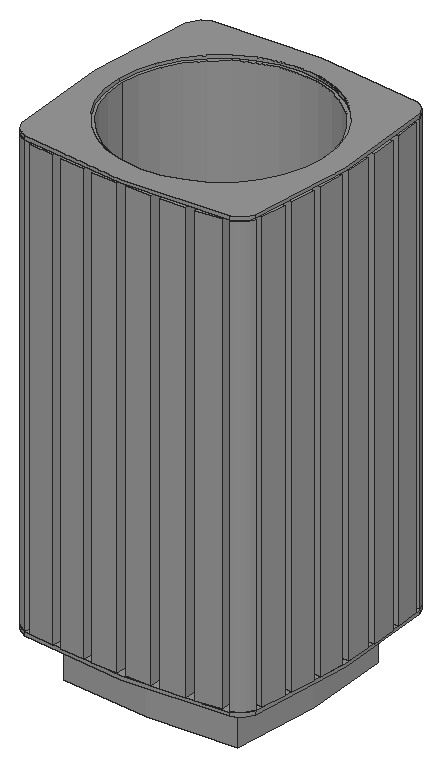
Revit family "55668 Урна «Стеллар Вуд» квадратная Хоббика", category Антураж, Revit 2018
Family settings
  На основе рабочей плоскости = Нет
  Всегда вертикально = Да
  При загрузке вырезать с полостями = Нет
  Источник визуального образа = Геометрия семейства
  Общий = Нет
  Точка расчета площади = Нет
Parameters (values of type "Урна «Стеллар Вуд» квадратная")
  Ширина = 395 mm  # constant formula
  Цвет урны = Сталь
  Цвет отделки = Дерево
  Описание = "Урна «Стеллар Вуд» квадратная"  # constant formula
  Материал изделия = "Сталь, дерево"  # constant formula
  Изображение типоразмера = Урна «Стеллар Вуд» квадратная Арт 55668.jpg
  Изготовитель = "ООО «Хоббика»"  # constant formula
  Длина = 395 mm  # constant formula
  Группа модели = "Уличные урны"  # constant formula
  Высота = 785 mm  # constant formula
  Артикул товара = "Арт. 55668"  # constant formula
  URL = "https://hobbyka.ru/product/urna_stellar_kvadratnaya"
Reference planes
  plane 1 "По центру (Вперед/Назад)": y = 0
  plane 2: z = 0
  plane 3 "По центру (Влево/Вправо)": x = 0
  plane 4: x = 395
  plane 5: y = 395
  plane 6: z = 785
Forms (mm)
  Extrusion 1, solid, material "Сталь" <- "Цвет урны"
    sketch origin (0, 0, 0) x (1, 0, 0) y (0, 1, 0)
      loop
        arc (35, 383.124) -> (20.967, 374.033) -> (11.876, 360) r 40
        arc (11.876, 360) -> (0, 197.5) -> (11.876, 35) r 1117.708
        arc (11.876, 35) -> (20.967, 20.967) -> (35, 11.876) r 40
        arc (35, 11.876) -> (197.5, 0) -> (360, 11.876) r 1117.708
        arc (360, 11.876) -> (374.033, 20.967) -> (383.124, 35) r 40
        arc (383.124, 35) -> (395, 197.5) -> (383.124, 360) r 1117.708
        arc (383.124, 360) -> (374.033, 374.033) -> (360, 383.124) r 40
        arc (360, 383.124) -> (197.5, 395) -> (35, 383.124) r 1117.708
      loop
        circle (197.5, 197.5) r 162.156
    from 780 to 785
  Extrusion 2, solid, material "Сталь" <- "Цвет урны"
    sketch origin (0, 0, 0) x (1, 0, 0) y (0, 1, 0)
      loop
        arc (35, 383.124) -> (20.967, 374.033) -> (11.876, 360) r 40
        arc (11.876, 360) -> (0, 197.5) -> (11.876, 35) r 1117.708
        arc (11.876, 35) -> (20.967, 20.967) -> (35, 11.876) r 40
        arc (35, 11.876) -> (197.5, 0) -> (360, 11.876) r 1117.708
        arc (360, 11.876) -> (374.033, 20.967) -> (383.124, 35) r 40
        arc (383.124, 35) -> (395, 197.5) -> (383.124, 360) r 1117.708
        arc (383.124, 360) -> (374.033, 374.033) -> (360, 383.124) r 40
        arc (360, 383.124) -> (197.5, 395) -> (35, 383.124) r 1117.708
    from 75 to 80
  Extrusion 3, solid, material "Сталь" <- "Цвет урны"
    sketch origin (0, 0, 0) x (1, 0, 0) y (0, 1, 0)
      loop
        arc (335.981, 59.019) -> (345, 197.5) -> (335.981, 335.981) r 1067.708
        arc (335.981, 335.981) -> (197.5, 345) -> (59.019, 335.981) r 1067.708
        arc (59.019, 335.981) -> (50, 197.5) -> (59.019, 59.019) r 1067.708
        arc (59.019, 59.019) -> (197.5, 50) -> (335.981, 59.019) r 1067.708
    from 0 to 75
  Extrusion 4, solid, material "Сталь" <- "Цвет урны"
    sketch origin (0, 0, 0) x (1, 0, 0) y (0, 1, 0)
      loop
        arc (349.305, 349.305) -> (197.5, 360) -> (45.695, 349.305) r 1082.708
        arc (45.695, 349.305) -> (35, 197.5) -> (45.695, 45.695) r 1082.708
        arc (45.695, 45.695) -> (197.5, 35) -> (349.305, 45.695) r 1082.708
        arc (349.305, 45.695) -> (360, 197.5) -> (349.305, 349.305) r 1082.708
    from 80 to 780
  Extrusion 5, void
    sketch origin (0, 0, 0) x (1, 0, 0) y (0, 1, 0)
      loop
        circle (197.5, 197.5) r 157.156
    from 86.582 to 785
  Extrusion 6, solid, material "Дерево" <- "Цвет отделки"
    sketch origin (0, 0, 0) x (1, 0, 0) y (0, 1, 0)
      loop
        arc (35, 383.124) -> (20.967, 374.033) -> (11.876, 360) r 40
        line (11.876, 360) -> (40.927, 351.291)
        arc (40.927, 351.291) -> (42.18, 352.82) -> (43.709, 354.073) r 10
        line (43.709, 354.073) -> (35, 383.124)
      loop
        arc (11.876, 35) -> (20.967, 20.967) -> (35, 11.876) r 40
        line (35, 11.876) -> (43.709, 40.927)
        arc (43.709, 40.927) -> (42.18, 42.18) -> (40.927, 43.709) r 10
        line (40.927, 43.709) -> (11.876, 35)
      loop
        arc (360, 11.876) -> (374.033, 20.967) -> (383.124, 35) r 40
        line (383.124, 35) -> (354.073, 43.709)
        arc (354.073, 43.709) -> (352.82, 42.18) -> (351.291, 40.927) r 10
        line (351.291, 40.927) -> (360, 11.876)
      loop
        arc (383.124, 360) -> (374.033, 374.033) -> (360, 383.124) r 40
        line (360, 383.124) -> (351.291, 354.073)
        arc (351.291, 354.073) -> (352.82, 352.82) -> (354.073, 351.291) r 10
        line (354.073, 351.291) -> (383.124, 360)
    from 82 to 778
  Extrusion 7, solid, material "Дерево" <- "Цвет отделки"
    sketch origin (0, 0, 0) x (1, 0, 0) y (0, 1, 0)
      loop
        arc (84.615, 389.285) -> (64.736, 387.087) -> (44.9, 384.534) r 1117.708
        line (44.9, 384.534) -> (48.996, 354.815)
        arc (48.996, 354.815) -> (68.3, 357.299) -> (87.645, 359.438) r 1087.708
        line (87.645, 359.438) -> (84.615, 389.285)
    from 82 to 778
  Extrusion 8, solid, material "Дерево" <- "Цвет отделки"
    sketch origin (176.047, 26.193, 0) x (0.971782, -0.235882, 0) y (0.235882, 0.971782, 0)
      loop
        arc (84.615, 389.285) -> (64.736, 387.087) -> (44.9, 384.534) r 1117.708
        line (44.9, 384.534) -> (48.996, 354.815)
        arc (48.996, 354.815) -> (68.3, 357.299) -> (87.645, 359.438) r 1087.708
        line (87.645, 359.438) -> (84.615, 389.285)
    from 82 to 778
  Extrusion 9, solid, material "Дерево" <- "Цвет отделки"
    sketch origin (34.63, 8.583, 0) x (0.998866, -0.047607, 0) y (0.047607, 0.998866, 0)
      loop
        arc (84.615, 389.285) -> (64.736, 387.087) -> (44.9, 384.534) r 1117.708
        line (44.9, 384.534) -> (48.996, 354.815)
        arc (48.996, 354.815) -> (68.3, 357.299) -> (87.645, 359.438) r 1087.708
        line (87.645, 359.438) -> (84.615, 389.285)
    from 82 to 778
  Extrusion 10, solid, material "Дерево" <- "Цвет отделки"
    sketch origin (69.63, 15.508, 0) x (0.995467, -0.095107, 0) y (0.095107, 0.995467, 0)
      loop
        arc (84.615, 389.285) -> (64.736, 387.087) -> (44.9, 384.534) r 1117.708
        line (44.9, 384.534) -> (48.996, 354.815)
        arc (48.996, 354.815) -> (68.3, 357.299) -> (87.645, 359.438) r 1087.708
        line (87.645, 359.438) -> (84.615, 389.285)
    from 82 to 778
  Extrusion 11, solid, material "Дерево" <- "Цвет отделки"
    sketch origin (104.919, 20.758, 0) x (0.989811, -0.14239, 0) y (0.14239, 0.989811, 0)
      loop
        arc (84.615, 389.285) -> (64.736, 387.087) -> (44.9, 384.534) r 1117.708
        line (44.9, 384.534) -> (48.996, 354.815)
        arc (48.996, 354.815) -> (68.3, 357.299) -> (87.645, 359.438) r 1087.708
        line (87.645, 359.438) -> (84.615, 389.285)
    from 82 to 778
  Extrusion 12, solid, material "Дерево" <- "Цвет отделки"
    sketch origin (140.418, 24.323, 0) x (0.981909, -0.189351, 0) y (0.189351, 0.981909, 0)
      loop
        arc (84.615, 389.285) -> (64.736, 387.087) -> (44.9, 384.534) r 1117.708
        line (44.9, 384.534) -> (48.996, 354.815)
        arc (48.996, 354.815) -> (68.3, 357.299) -> (87.645, 359.438) r 1087.708
        line (87.645, 359.438) -> (84.615, 389.285)
    from 82 to 778
  Extrusion 13, solid, material "Дерево" <- "Цвет отделки"
    sketch origin (0, 395, 0) x (0, -1, 0) y (1, 0, 0)
      loop
        arc (84.615, 389.285) -> (64.736, 387.087) -> (44.9, 384.534) r 1117.708
        line (44.9, 384.534) -> (48.996, 354.815)
        arc (48.996, 354.815) -> (68.3, 357.299) -> (87.645, 359.438) r 1087.708
        line (87.645, 359.438) -> (84.615, 389.285)
    from 82 to 778
  Extrusion 14, solid, material "Дерево" <- "Цвет отделки"
    sketch origin (26.193, 218.953, 0) x (-0.235882, -0.971782, 0) y (0.971782, -0.235882, 0)
      loop
        arc (84.615, 389.285) -> (64.736, 387.087) -> (44.9, 384.534) r 1117.708
        line (44.9, 384.534) -> (48.996, 354.815)
        arc (48.996, 354.815) -> (68.3, 357.299) -> (87.645, 359.438) r 1087.708
        line (87.645, 359.438) -> (84.615, 389.285)
    from 82 to 778
  Extrusion 15, solid, material "Дерево" <- "Цвет отделки"
    sketch origin (8.583, 360.37, 0) x (-0.047607, -0.998866, 0) y (0.998866, -0.047607, 0)
      loop
        arc (84.615, 389.285) -> (64.736, 387.087) -> (44.9, 384.534) r 1117.708
        line (44.9, 384.534) -> (48.996, 354.815)
        arc (48.996, 354.815) -> (68.3, 357.299) -> (87.645, 359.438) r 1087.708
        line (87.645, 359.438) -> (84.615, 389.285)
    from 82 to 778
  Extrusion 16, solid, material "Дерево" <- "Цвет отделки"
    sketch origin (15.508, 325.37, 0) x (-0.095107, -0.995467, 0) y (0.995467, -0.095107, 0)
      loop
        arc (84.615, 389.285) -> (64.736, 387.087) -> (44.9, 384.534) r 1117.708
        line (44.9, 384.534) -> (48.996, 354.815)
        arc (48.996, 354.815) -> (68.3, 357.299) -> (87.645, 359.438) r 1087.708
        line (87.645, 359.438) -> (84.615, 389.285)
    from 82 to 778
  Extrusion 17, solid, material "Дерево" <- "Цвет отделки"
    sketch origin (20.758, 290.081, 0) x (-0.14239, -0.989811, 0) y (0.989811, -0.14239, 0)
      loop
        arc (84.615, 389.285) -> (64.736, 387.087) -> (44.9, 384.534) r 1117.708
        line (44.9, 384.534) -> (48.996, 354.815)
        arc (48.996, 354.815) -> (68.3, 357.299) -> (87.645, 359.438) r 1087.708
        line (87.645, 359.438) -> (84.615, 389.285)
    from 82 to 778
  Extrusion 18, solid, material "Дерево" <- "Цвет отделки"
    sketch origin (24.323, 254.582, 0) x (-0.189351, -0.981909, 0) y (0.981909, -0.189351, 0)
      loop
        arc (84.615, 389.285) -> (64.736, 387.087) -> (44.9, 384.534) r 1117.708
        line (44.9, 384.534) -> (48.996, 354.815)
        arc (48.996, 354.815) -> (68.3, 357.299) -> (87.645, 359.438) r 1087.708
        line (87.645, 359.438) -> (84.615, 389.285)
    from 82 to 778
  Extrusion 19, solid, material "Дерево" <- "Цвет отделки"
    sketch origin (395, 395, 0) x (-1, 0, 0) y (0, -1, 0)
      loop
        arc (84.615, 389.285) -> (64.736, 387.087) -> (44.9, 384.534) r 1117.708
        line (44.9, 384.534) -> (48.996, 354.815)
        arc (48.996, 354.815) -> (68.3, 357.299) -> (87.645, 359.438) r 1087.708
        line (87.645, 359.438) -> (84.615, 389.285)
    from 82 to 778
  Extrusion 20, solid, material "Дерево" <- "Цвет отделки"
    sketch origin (218.953, 368.807, 0) x (-0.971782, 0.235882, 0) y (-0.235882, -0.971782, 0)
      loop
        arc (84.615, 389.285) -> (64.736, 387.087) -> (44.9, 384.534) r 1117.708
        line (44.9, 384.534) -> (48.996, 354.815)
        arc (48.996, 354.815) -> (68.3, 357.299) -> (87.645, 359.438) r 1087.708
        line (87.645, 359.438) -> (84.615, 389.285)
    from 82 to 778
  Extrusion 21, solid, material "Дерево" <- "Цвет отделки"
    sketch origin (360.37, 386.417, 0) x (-0.998866, 0.047607, 0) y (-0.047607, -0.998866, 0)
      loop
        arc (84.615, 389.285) -> (64.736, 387.087) -> (44.9, 384.534) r 1117.708
        line (44.9, 384.534) -> (48.996, 354.815)
        arc (48.996, 354.815) -> (68.3, 357.299) -> (87.645, 359.438) r 1087.708
        line (87.645, 359.438) -> (84.615, 389.285)
    from 82 to 778
  Extrusion 22, solid, material "Дерево" <- "Цвет отделки"
    sketch origin (325.37, 379.492, 0) x (-0.995467, 0.095107, 0) y (-0.095107, -0.995467, 0)
      loop
        arc (84.615, 389.285) -> (64.736, 387.087) -> (44.9, 384.534) r 1117.708
        line (44.9, 384.534) -> (48.996, 354.815)
        arc (48.996, 354.815) -> (68.3, 357.299) -> (87.645, 359.438) r 1087.708
        line (87.645, 359.438) -> (84.615, 389.285)
    from 82 to 778
  Extrusion 23, solid, material "Дерево" <- "Цвет отделки"
    sketch origin (290.081, 374.242, 0) x (-0.989811, 0.14239, 0) y (-0.14239, -0.989811, 0)
      loop
        arc (84.615, 389.285) -> (64.736, 387.087) -> (44.9, 384.534) r 1117.708
        line (44.9, 384.534) -> (48.996, 354.815)
        arc (48.996, 354.815) -> (68.3, 357.299) -> (87.645, 359.438) r 1087.708
        line (87.645, 359.438) -> (84.615, 389.285)
    from 82 to 778
  Extrusion 24, solid, material "Дерево" <- "Цвет отделки"
    sketch origin (254.582, 370.677, 0) x (-0.981909, 0.189351, 0) y (-0.189351, -0.981909, 0)
      loop
        arc (84.615, 389.285) -> (64.736, 387.087) -> (44.9, 384.534) r 1117.708
        line (44.9, 384.534) -> (48.996, 354.815)
        arc (48.996, 354.815) -> (68.3, 357.299) -> (87.645, 359.438) r 1087.708
        line (87.645, 359.438) -> (84.615, 389.285)
    from 82 to 778
  Extrusion 25, solid, material "Дерево" <- "Цвет отделки"
    sketch origin (395, 0, 0) x (0, 1, 0) y (-1, 0, 0)
      loop
        arc (84.615, 389.285) -> (64.736, 387.087) -> (44.9, 384.534) r 1117.708
        line (44.9, 384.534) -> (48.996, 354.815)
        arc (48.996, 354.815) -> (68.3, 357.299) -> (87.645, 359.438) r 1087.708
        line (87.645, 359.438) -> (84.615, 389.285)
    from 82 to 778
  Extrusion 26, solid, material "Дерево" <- "Цвет отделки"
    sketch origin (368.807, 176.047, 0) x (0.235882, 0.971782, 0) y (-0.971782, 0.235882, 0)
      loop
        arc (84.615, 389.285) -> (64.736, 387.087) -> (44.9, 384.534) r 1117.708
        line (44.9, 384.534) -> (48.996, 354.815)
        arc (48.996, 354.815) -> (68.3, 357.299) -> (87.645, 359.438) r 1087.708
        line (87.645, 359.438) -> (84.615, 389.285)
    from 82 to 778
  Extrusion 27, solid, material "Дерево" <- "Цвет отделки"
    sketch origin (386.417, 34.63, 0) x (0.047607, 0.998866, 0) y (-0.998866, 0.047607, 0)
      loop
        arc (84.615, 389.285) -> (64.736, 387.087) -> (44.9, 384.534) r 1117.708
        line (44.9, 384.534) -> (48.996, 354.815)
        arc (48.996, 354.815) -> (68.3, 357.299) -> (87.645, 359.438) r 1087.708
        line (87.645, 359.438) -> (84.615, 389.285)
    from 82 to 778
  Extrusion 28, solid, material "Дерево" <- "Цвет отделки"
    sketch origin (379.492, 69.63, 0) x (0.095107, 0.995467, 0) y (-0.995467, 0.095107, 0)
      loop
        arc (84.615, 389.285) -> (64.736, 387.087) -> (44.9, 384.534) r 1117.708
        line (44.9, 384.534) -> (48.996, 354.815)
        arc (48.996, 354.815) -> (68.3, 357.299) -> (87.645, 359.438) r 1087.708
        line (87.645, 359.438) -> (84.615, 389.285)
    from 82 to 778
  Extrusion 29, solid, material "Дерево" <- "Цвет отделки"
    sketch origin (374.242, 104.919, 0) x (0.14239, 0.989811, 0) y (-0.989811, 0.14239, 0)
      loop
        arc (84.615, 389.285) -> (64.736, 387.087) -> (44.9, 384.534) r 1117.708
        line (44.9, 384.534) -> (48.996, 354.815)
        arc (48.996, 354.815) -> (68.3, 357.299) -> (87.645, 359.438) r 1087.708
        line (87.645, 359.438) -> (84.615, 389.285)
    from 82 to 778
  Extrusion 30, solid, material "Дерево" <- "Цвет отделки"
    sketch origin (370.677, 140.418, 0) x (0.189351, 0.981909, 0) y (-0.981909, 0.189351, 0)
      loop
        arc (84.615, 389.285) -> (64.736, 387.087) -> (44.9, 384.534) r 1117.708
        line (44.9, 384.534) -> (48.996, 354.815)
        arc (48.996, 354.815) -> (68.3, 357.299) -> (87.645, 359.438) r 1087.708
        line (87.645, 359.438) -> (84.615, 389.285)
    from 82 to 778
Cuts and joins
  Extrusion 5 cuts Extrusion 2
  Extrusion 5 cuts Extrusion 3
  Extrusion 5 cuts Extrusion 4
Lines and regions (mm)
  symbolic lines
    curve 1: line (350.1, 384.534, 0) -> (346.004, 354.815, 0)
Dimensions and locks
  "Длина": plane 4 to plane 3 "По центру (Влево/Вправо)"
  "Ширина": plane 5 to plane 1 "По центру (Вперед/Назад)"
  "Высота": plane 6 to plane 2
  aligned and locked: level to plane 2
Automatic sketch dimensions
  Extrusion 1 sketch curve to plane 1 "По центру (Вперед/Назад)" = 197.5 mm  (x3)
  Extrusion 1 sketch curve to plane 3 "По центру (Влево/Вправо)" = 722.708 mm
  plane 3 "По центру (Влево/Вправо)" to Extrusion 1 sketch curve = 49.251 mm  (x2)
  plane 3 "По центру (Влево/Вправо)" to Extrusion 1 sketch curve = 197.5 mm  (x3)
  Extrusion 1 sketch curve to plane 4 = 49.251 mm  (x2)
  plane 4 to Extrusion 1 sketch curve = 722.708 mm
  Extrusion 1 sketch curve to plane 1 "По центру (Вперед/Назад)" = 49.251 mm  (x2)
  plane 1 "По центру (Вперед/Назад)" to Extrusion 1 sketch curve = 722.708 mm
  Extrusion 1 sketch curve to plane 5 = 49.251 mm  (x2)
  plane 5 to Extrusion 1 sketch curve = 722.708 mm
  plane 3 "По центру (Влево/Вправо)" to Extrusion 1 sketch curve = 11.876 mm  (x2)
  Extrusion 1 sketch curve to plane 5 = 11.876 mm  (x2)
  Extrusion 1 sketch curve to Extrusion 1 sketch curve = 23.124 mm
  Extrusion 1 sketch curve to plane 1 "По центру (Вперед/Назад)" = 11.876 mm  (x2)
  Extrusion 1 sketch curve to plane 4 = 11.876 mm
  Extrusion 2 sketch curve to plane 1 "По центру (Вперед/Назад)" = 197.5 mm  (x2)
  Extrusion 2 sketch curve to plane 3 "По центру (Влево/Вправо)" = 722.708 mm
  plane 3 "По центру (Влево/Вправо)" to Extrusion 2 sketch curve = 49.251 mm  (x2)
  plane 3 "По центру (Влево/Вправо)" to Extrusion 2 sketch curve = 197.5 mm  (x2)
  Extrusion 2 sketch curve to plane 4 = 49.251 mm  (x2)
  plane 4 to Extrusion 2 sketch curve = 722.708 mm
  Extrusion 2 sketch curve to plane 1 "По центру (Вперед/Назад)" = 49.251 mm  (x2)
  plane 1 "По центру (Вперед/Назад)" to Extrusion 2 sketch curve = 722.708 mm
  Extrusion 2 sketch curve to plane 5 = 49.251 mm  (x2)
  plane 5 to Extrusion 2 sketch curve = 722.708 mm
  plane 3 "По центру (Влево/Вправо)" to Extrusion 2 sketch curve = 11.876 mm  (x2)
  Extrusion 2 sketch curve to plane 5 = 11.876 mm  (x2)
  Extrusion 2 sketch curve to Extrusion 2 sketch curve = 23.124 mm
  Extrusion 2 sketch curve to plane 1 "По центру (Вперед/Назад)" = 11.876 mm  (x2)
  Extrusion 2 sketch curve to plane 4 = 11.876 mm
  Extrusion 3 sketch curve to plane 1 "По центру (Вперед/Назад)" = 197.5 mm  (x2)
  Extrusion 3 sketch curve to plane 3 "По центру (Влево/Вправо)" = 722.708 mm
  plane 3 "По центру (Влево/Вправо)" to Extrusion 3 sketch curve = 197.5 mm  (x2)
  plane 4 to Extrusion 3 sketch curve = 722.708 mm
  plane 1 "По центру (Вперед/Назад)" to Extrusion 3 sketch curve = 722.708 mm
  plane 5 to Extrusion 3 sketch curve = 722.708 mm
  plane 3 "По центру (Влево/Вправо)" to Extrusion 3 sketch curve = 59.019 mm  (x2)
  Extrusion 3 sketch curve to plane 4 = 59.019 mm
  Extrusion 3 sketch curve to plane 1 "По центру (Вперед/Назад)" = 59.019 mm
  Extrusion 4 sketch curve to plane 1 "По центру (Вперед/Назад)" = 197.5 mm  (x2)
  Extrusion 4 sketch curve to plane 3 "По центру (Влево/Вправо)" = 722.708 mm
  plane 3 "По центру (Влево/Вправо)" to Extrusion 4 sketch curve = 197.5 mm  (x2)
  plane 4 to Extrusion 4 sketch curve = 722.708 mm
  plane 1 "По центру (Вперед/Назад)" to Extrusion 4 sketch curve = 722.708 mm
  plane 5 to Extrusion 4 sketch curve = 722.708 mm
  plane 3 "По центру (Влево/Вправо)" to Extrusion 4 sketch curve = 45.695 mm  (x2)
  Extrusion 4 sketch curve to plane 4 = 45.695 mm
  Extrusion 4 sketch curve to plane 1 "По центру (Вперед/Назад)" = 45.695 mm
  Extrusion 5 sketch curve to Extrusion 5 sketch curve = 0 mm  (x2)
  plane 3 "По центру (Влево/Вправо)" to Extrusion 5 sketch curve = 197.5 mm
  Extrusion 5 sketch curve to plane 1 "По центру (Вперед/Назад)" = 197.5 mm
  plane 3 "По центру (Влево/Вправо)" to Extrusion 5 sketch curve = 40.344 mm
  Extrusion 6 sketch curve to Extrusion 6 sketch curve = 0 mm  (x8)
  plane 3 "По центру (Влево/Вправо)" to Extrusion 6 sketch curve = 11.876 mm  (x2)
  Extrusion 6 sketch curve to plane 1 "По центру (Вперед/Назад)" = 11.876 mm  (x2)
  Extrusion 6 sketch curve to Extrusion 6 sketch curve = 23.124 mm  (x4)
  Extrusion 6 sketch curve to plane 5 = 11.876 mm  (x2)
  Extrusion 6 sketch curve to Extrusion 6 sketch curve = 29.051 mm  (x2)
  Extrusion 6 sketch curve to Extrusion 6 sketch curve = 2.782 mm  (x4)
  Extrusion 6 sketch curve to Extrusion 6 sketch curve = 8.324 mm  (x4)
  Extrusion 6 sketch curve to plane 4 = 49.251 mm  (x2)
  Extrusion 6 sketch curve to Extrusion 6 sketch curve = 5.542 mm  (x4)
  Extrusion 6 sketch curve to Extrusion 6 sketch curve = 8.709 mm  (x2)
  Extrusion 6 sketch curve to plane 4 = 11.876 mm  (x2)
  Extrusion 6 sketch curve to Extrusion 6 sketch curve = 37.375 mm  (x2)
  Extrusion 7 sketch curve to Extrusion 7 sketch curve = 0 mm  (x4)
  Extrusion 7 sketch curve to Extrusion 7 sketch curve = 39.715 mm
  Extrusion 7 sketch curve to Extrusion 7 sketch curve = 3.03 mm
  Extrusion 7 sketch curve to Extrusion 7 sketch curve = 4.096 mm
  Extrusion 7 sketch curve to Extrusion 7 sketch curve = 109.855 mm
  Extrusion 7 sketch curve to Extrusion 7 sketch curve = 1077.523 mm
  Extrusion 7 sketch curve to Extrusion 7 sketch curve = 29.719 mm
  Extrusion 8 sketch curve to Extrusion 8 sketch curve = 0 mm  (x4)
  Extrusion 8 sketch curve to Extrusion 8 sketch curve = 39.715 mm
  Extrusion 8 sketch curve to Extrusion 8 sketch curve = 3.03 mm
  Extrusion 8 sketch curve to Extrusion 8 sketch curve = 4.096 mm
  Extrusion 8 sketch curve to Extrusion 8 sketch curve = 109.855 mm
  Extrusion 8 sketch curve to Extrusion 8 sketch curve = 1077.523 mm
  Extrusion 8 sketch curve to Extrusion 8 sketch curve = 29.719 mm
  Extrusion 9 sketch curve to Extrusion 9 sketch curve = 0 mm  (x4)
  Extrusion 9 sketch curve to Extrusion 9 sketch curve = 39.715 mm
  Extrusion 9 sketch curve to Extrusion 9 sketch curve = 3.03 mm
  Extrusion 9 sketch curve to Extrusion 9 sketch curve = 4.096 mm
  Extrusion 9 sketch curve to Extrusion 9 sketch curve = 109.855 mm
  Extrusion 9 sketch curve to Extrusion 9 sketch curve = 1077.523 mm
  Extrusion 9 sketch curve to Extrusion 9 sketch curve = 29.719 mm
  Extrusion 10 sketch curve to Extrusion 10 sketch curve = 0 mm  (x4)
  Extrusion 10 sketch curve to Extrusion 10 sketch curve = 39.715 mm
  Extrusion 10 sketch curve to Extrusion 10 sketch curve = 3.03 mm
  Extrusion 10 sketch curve to Extrusion 10 sketch curve = 4.096 mm
  Extrusion 10 sketch curve to Extrusion 10 sketch curve = 109.855 mm
  Extrusion 10 sketch curve to Extrusion 10 sketch curve = 1077.523 mm
  Extrusion 10 sketch curve to Extrusion 10 sketch curve = 29.719 mm
  Extrusion 11 sketch curve to Extrusion 11 sketch curve = 0 mm  (x4)
  Extrusion 11 sketch curve to Extrusion 11 sketch curve = 39.715 mm
  Extrusion 11 sketch curve to Extrusion 11 sketch curve = 3.03 mm
  Extrusion 11 sketch curve to Extrusion 11 sketch curve = 4.096 mm
  Extrusion 11 sketch curve to Extrusion 11 sketch curve = 109.855 mm
  Extrusion 11 sketch curve to Extrusion 11 sketch curve = 1077.523 mm
  Extrusion 11 sketch curve to Extrusion 11 sketch curve = 29.719 mm
  Extrusion 12 sketch curve to Extrusion 12 sketch curve = 0 mm  (x4)
  Extrusion 12 sketch curve to Extrusion 12 sketch curve = 39.715 mm
  Extrusion 12 sketch curve to Extrusion 12 sketch curve = 3.03 mm
  Extrusion 12 sketch curve to Extrusion 12 sketch curve = 4.096 mm
  Extrusion 12 sketch curve to Extrusion 12 sketch curve = 109.855 mm
  Extrusion 12 sketch curve to Extrusion 12 sketch curve = 1077.523 mm
  Extrusion 12 sketch curve to Extrusion 12 sketch curve = 29.719 mm
  curve 1 to plane 4 = 48.996 mm
  curve 1 to plane 5 = 10.466 mm
  curve 1 to curve 1 = 4.096 mm
  curve 1 to curve 1 = 29.719 mm
  Extrusion 7 sketch curve to plane 5 = 10.466 mm
  plane 3 "По центру (Влево/Вправо)" to Extrusion 7 sketch curve = 44.9 mm
  Extrusion 8 sketch curve to plane 5 = 5.715 mm
  Extrusion 8 sketch curve to plane 4 = 84.615 mm
  Extrusion 9 sketch curve to plane 5 = 4.457 mm
  plane 3 "По центру (Влево/Вправо)" to Extrusion 9 sketch curve = 97.786 mm
  Extrusion 10 sketch curve to plane 5 = 0.972 mm
  plane 3 "По центру (Влево/Вправо)" to Extrusion 10 sketch curve = 150.898 mm
  Extrusion 11 sketch curve to plane 5 = 0.02 mm
  Extrusion 11 sketch curve to plane 4 = 190.884 mm
  Extrusion 12 sketch curve to plane 5 = 1.602 mm
  Extrusion 12 sketch curve to plane 4 = 137.682 mm
  Extrusion 13 sketch curve to Extrusion 13 sketch curve = 0 mm  (x2)
  Extrusion 13 sketch curve to plane 4 = 10.466 mm
  Extrusion 13 sketch curve to plane 5 = 44.9 mm
  Extrusion 13 sketch curve to Extrusion 13 sketch curve = 4.096 mm
  Extrusion 13 sketch curve to plane 4 = 5.715 mm
  Extrusion 13 sketch curve to Extrusion 13 sketch curve = 39.715 mm
  Extrusion 13 sketch curve to plane 4 = 35.562 mm
  Extrusion 13 sketch curve to Extrusion 13 sketch curve = 3.03 mm
  Extrusion 13 sketch curve to plane 1 "По центру (Вперед/Назад)" = 197.5 mm
  Extrusion 14 sketch curve to Extrusion 14 sketch curve = 0 mm  (x2)
  Extrusion 14 sketch curve to plane 4 = 5.715 mm
  Extrusion 14 sketch curve to plane 1 "По центру (Вперед/Назад)" = 84.615 mm
  Extrusion 14 sketch curve to Extrusion 14 sketch curve = 4.096 mm
  Extrusion 14 sketch curve to Extrusion 14 sketch curve = 39.715 mm
  Extrusion 14 sketch curve to Extrusion 14 sketch curve = 3.03 mm
  Extrusion 14 sketch curve to Extrusion 14 sketch curve = 148.504 mm
  Extrusion 14 sketch curve to Extrusion 14 sketch curve = 25.096 mm
  Extrusion 14 sketch curve to Extrusion 14 sketch curve = 29.719 mm
  Extrusion 15 sketch curve to Extrusion 15 sketch curve = 0 mm  (x2)
  Extrusion 15 sketch curve to plane 4 = 4.457 mm
  Extrusion 15 sketch curve to plane 5 = 97.786 mm
  Extrusion 15 sketch curve to Extrusion 15 sketch curve = 4.096 mm
  Extrusion 15 sketch curve to Extrusion 15 sketch curve = 39.715 mm
  Extrusion 15 sketch curve to Extrusion 15 sketch curve = 3.03 mm
  Extrusion 15 sketch curve to Extrusion 15 sketch curve = 148.504 mm
  Extrusion 15 sketch curve to Extrusion 15 sketch curve = 25.096 mm
  Extrusion 15 sketch curve to Extrusion 15 sketch curve = 29.719 mm
  Extrusion 16 sketch curve to Extrusion 16 sketch curve = 0 mm  (x2)
  Extrusion 16 sketch curve to plane 4 = 0.972 mm
  Extrusion 16 sketch curve to plane 5 = 150.898 mm
  Extrusion 16 sketch curve to Extrusion 16 sketch curve = 4.096 mm
  Extrusion 16 sketch curve to Extrusion 16 sketch curve = 39.715 mm
  Extrusion 16 sketch curve to Extrusion 16 sketch curve = 3.03 mm
  Extrusion 16 sketch curve to Extrusion 16 sketch curve = 148.504 mm
  Extrusion 16 sketch curve to Extrusion 16 sketch curve = 25.096 mm
  Extrusion 16 sketch curve to Extrusion 16 sketch curve = 29.719 mm
  Extrusion 17 sketch curve to Extrusion 17 sketch curve = 0 mm  (x2)
  Extrusion 17 sketch curve to plane 4 = 0.02 mm
  Extrusion 17 sketch curve to plane 1 "По центру (Вперед/Назад)" = 190.884 mm
  Extrusion 17 sketch curve to Extrusion 17 sketch curve = 4.096 mm
  Extrusion 17 sketch curve to Extrusion 17 sketch curve = 39.715 mm
  Extrusion 17 sketch curve to Extrusion 17 sketch curve = 3.03 mm
  Extrusion 17 sketch curve to Extrusion 17 sketch curve = 148.504 mm
  Extrusion 17 sketch curve to Extrusion 17 sketch curve = 25.096 mm
  Extrusion 17 sketch curve to Extrusion 17 sketch curve = 29.719 mm
  Extrusion 18 sketch curve to Extrusion 18 sketch curve = 0 mm  (x2)
  Extrusion 18 sketch curve to plane 4 = 1.602 mm
  Extrusion 18 sketch curve to plane 1 "По центру (Вперед/Назад)" = 137.682 mm
  Extrusion 18 sketch curve to Extrusion 18 sketch curve = 4.096 mm
  Extrusion 18 sketch curve to Extrusion 18 sketch curve = 39.715 mm
  Extrusion 18 sketch curve to Extrusion 18 sketch curve = 3.03 mm
  Extrusion 18 sketch curve to Extrusion 18 sketch curve = 148.504 mm
  Extrusion 18 sketch curve to Extrusion 18 sketch curve = 25.096 mm
  Extrusion 18 sketch curve to Extrusion 18 sketch curve = 29.719 mm
  Extrusion 19 sketch curve to Extrusion 19 sketch curve = 0 mm  (x2)
  Extrusion 19 sketch curve to plane 1 "По центру (Вперед/Назад)" = 10.466 mm
  Extrusion 19 sketch curve to plane 4 = 44.9 mm
  Extrusion 19 sketch curve to Extrusion 19 sketch curve = 4.096 mm
  Extrusion 19 sketch curve to plane 1 "По центру (Вперед/Назад)" = 5.715 mm
  Extrusion 19 sketch curve to Extrusion 19 sketch curve = 39.715 mm
  Extrusion 19 sketch curve to plane 1 "По центру (Вперед/Назад)" = 35.562 mm
  Extrusion 19 sketch curve to Extrusion 19 sketch curve = 3.03 mm
  plane 3 "По центру (Влево/Вправо)" to Extrusion 19 sketch curve = 197.5 mm
  Extrusion 20 sketch curve to Extrusion 20 sketch curve = 0 mm  (x2)
  Extrusion 20 sketch curve to plane 1 "По центру (Вперед/Назад)" = 5.715 mm
  plane 3 "По центру (Влево/Вправо)" to Extrusion 20 sketch curve = 84.615 mm
  Extrusion 20 sketch curve to Extrusion 20 sketch curve = 4.096 mm
  Extrusion 20 sketch curve to Extrusion 20 sketch curve = 39.715 mm
  Extrusion 20 sketch curve to Extrusion 20 sketch curve = 3.03 mm
  Extrusion 20 sketch curve to Extrusion 20 sketch curve = 148.504 mm
  Extrusion 20 sketch curve to Extrusion 20 sketch curve = 25.096 mm
  Extrusion 20 sketch curve to Extrusion 20 sketch curve = 29.719 mm
  Extrusion 21 sketch curve to Extrusion 21 sketch curve = 0 mm  (x2)
  Extrusion 21 sketch curve to plane 1 "По центру (Вперед/Назад)" = 4.457 mm
  Extrusion 21 sketch curve to plane 4 = 97.786 mm
  Extrusion 21 sketch curve to Extrusion 21 sketch curve = 4.096 mm
  Extrusion 21 sketch curve to Extrusion 21 sketch curve = 39.715 mm
  Extrusion 21 sketch curve to Extrusion 21 sketch curve = 3.03 mm
  Extrusion 21 sketch curve to Extrusion 21 sketch curve = 148.504 mm
  Extrusion 21 sketch curve to Extrusion 21 sketch curve = 25.096 mm
  Extrusion 21 sketch curve to Extrusion 21 sketch curve = 29.719 mm
  Extrusion 22 sketch curve to Extrusion 22 sketch curve = 0 mm  (x2)
  Extrusion 22 sketch curve to plane 1 "По центру (Вперед/Назад)" = 0.972 mm
  Extrusion 22 sketch curve to plane 4 = 150.898 mm
  Extrusion 22 sketch curve to Extrusion 22 sketch curve = 4.096 mm
  Extrusion 22 sketch curve to Extrusion 22 sketch curve = 39.715 mm
  Extrusion 22 sketch curve to Extrusion 22 sketch curve = 3.03 mm
  Extrusion 22 sketch curve to Extrusion 22 sketch curve = 148.504 mm
  Extrusion 22 sketch curve to Extrusion 22 sketch curve = 25.096 mm
  Extrusion 22 sketch curve to Extrusion 22 sketch curve = 29.719 mm
  Extrusion 23 sketch curve to Extrusion 23 sketch curve = 0 mm  (x2)
  Extrusion 23 sketch curve to plane 1 "По центру (Вперед/Назад)" = 0.02 mm
  plane 3 "По центру (Влево/Вправо)" to Extrusion 23 sketch curve = 190.884 mm
  Extrusion 23 sketch curve to Extrusion 23 sketch curve = 4.096 mm
  Extrusion 23 sketch curve to Extrusion 23 sketch curve = 39.715 mm
  Extrusion 23 sketch curve to Extrusion 23 sketch curve = 3.03 mm
  Extrusion 23 sketch curve to Extrusion 23 sketch curve = 148.504 mm
  Extrusion 23 sketch curve to Extrusion 23 sketch curve = 25.096 mm
  Extrusion 23 sketch curve to Extrusion 23 sketch curve = 29.719 mm
  Extrusion 24 sketch curve to Extrusion 24 sketch curve = 0 mm  (x2)
  Extrusion 24 sketch curve to plane 1 "По центру (Вперед/Назад)" = 1.602 mm
  plane 3 "По центру (Влево/Вправо)" to Extrusion 24 sketch curve = 137.682 mm
  Extrusion 24 sketch curve to Extrusion 24 sketch curve = 4.096 mm
  Extrusion 24 sketch curve to Extrusion 24 sketch curve = 39.715 mm
  Extrusion 24 sketch curve to Extrusion 24 sketch curve = 3.03 mm
  Extrusion 24 sketch curve to Extrusion 24 sketch curve = 148.504 mm
  Extrusion 24 sketch curve to Extrusion 24 sketch curve = 25.096 mm
  Extrusion 24 sketch curve to Extrusion 24 sketch curve = 29.719 mm
  Extrusion 25 sketch curve to Extrusion 25 sketch curve = 0 mm  (x2)
  plane 3 "По центру (Влево/Вправо)" to Extrusion 25 sketch curve = 10.466 mm
  Extrusion 25 sketch curve to plane 1 "По центру (Вперед/Назад)" = 44.9 mm
  Extrusion 25 sketch curve to Extrusion 25 sketch curve = 4.096 mm
  plane 3 "По центру (Влево/Вправо)" to Extrusion 25 sketch curve = 5.715 mm
  Extrusion 25 sketch curve to Extrusion 25 sketch curve = 39.715 mm
  plane 3 "По центру (Влево/Вправо)" to Extrusion 25 sketch curve = 35.562 mm
  Extrusion 25 sketch curve to Extrusion 25 sketch curve = 3.03 mm
  Extrusion 25 sketch curve to plane 1 "По центру (Вперед/Назад)" = 197.5 mm
  Extrusion 26 sketch curve to Extrusion 26 sketch curve = 0 mm  (x2)
  plane 3 "По центру (Влево/Вправо)" to Extrusion 26 sketch curve = 5.715 mm
  Extrusion 26 sketch curve to plane 5 = 84.615 mm
  Extrusion 26 sketch curve to Extrusion 26 sketch curve = 4.096 mm
  Extrusion 26 sketch curve to Extrusion 26 sketch curve = 39.715 mm
  Extrusion 26 sketch curve to Extrusion 26 sketch curve = 3.03 mm
  Extrusion 26 sketch curve to Extrusion 26 sketch curve = 109.855 mm
  Extrusion 26 sketch curve to Extrusion 26 sketch curve = 25.096 mm
  Extrusion 26 sketch curve to Extrusion 26 sketch curve = 29.719 mm
  Extrusion 27 sketch curve to Extrusion 27 sketch curve = 0 mm  (x2)
  plane 3 "По центру (Влево/Вправо)" to Extrusion 27 sketch curve = 4.457 mm
  Extrusion 27 sketch curve to plane 1 "По центру (Вперед/Назад)" = 97.786 mm
  Extrusion 27 sketch curve to Extrusion 27 sketch curve = 4.096 mm
  Extrusion 27 sketch curve to Extrusion 27 sketch curve = 39.715 mm
  Extrusion 27 sketch curve to Extrusion 27 sketch curve = 3.03 mm
  Extrusion 27 sketch curve to Extrusion 27 sketch curve = 109.855 mm
  Extrusion 27 sketch curve to Extrusion 27 sketch curve = 25.096 mm
  Extrusion 27 sketch curve to Extrusion 27 sketch curve = 29.719 mm
  Extrusion 28 sketch curve to Extrusion 28 sketch curve = 0 mm  (x2)
  plane 3 "По центру (Влево/Вправо)" to Extrusion 28 sketch curve = 0.972 mm
  Extrusion 28 sketch curve to plane 1 "По центру (Вперед/Назад)" = 150.898 mm
  Extrusion 28 sketch curve to Extrusion 28 sketch curve = 4.096 mm
  Extrusion 28 sketch curve to Extrusion 28 sketch curve = 39.715 mm
  Extrusion 28 sketch curve to Extrusion 28 sketch curve = 3.03 mm
  Extrusion 28 sketch curve to Extrusion 28 sketch curve = 109.855 mm
  Extrusion 28 sketch curve to Extrusion 28 sketch curve = 25.096 mm
  Extrusion 28 sketch curve to Extrusion 28 sketch curve = 29.719 mm
  Extrusion 29 sketch curve to Extrusion 29 sketch curve = 0 mm  (x2)
  plane 3 "По центру (Влево/Вправо)" to Extrusion 29 sketch curve = 0.02 mm
  Extrusion 29 sketch curve to plane 5 = 190.884 mm
  Extrusion 29 sketch curve to Extrusion 29 sketch curve = 4.096 mm
  Extrusion 29 sketch curve to Extrusion 29 sketch curve = 39.715 mm
  Extrusion 29 sketch curve to Extrusion 29 sketch curve = 3.03 mm
  Extrusion 29 sketch curve to Extrusion 29 sketch curve = 109.855 mm
  Extrusion 29 sketch curve to Extrusion 29 sketch curve = 25.096 mm
  Extrusion 29 sketch curve to Extrusion 29 sketch curve = 29.719 mm
  Extrusion 30 sketch curve to Extrusion 30 sketch curve = 0 mm  (x2)
  plane 3 "По центру (Влево/Вправо)" to Extrusion 30 sketch curve = 1.602 mm
  Extrusion 30 sketch curve to plane 5 = 137.682 mm
  Extrusion 30 sketch curve to Extrusion 30 sketch curve = 4.096 mm
  Extrusion 30 sketch curve to Extrusion 30 sketch curve = 39.715 mm
  Extrusion 30 sketch curve to Extrusion 30 sketch curve = 3.03 mm
  Extrusion 30 sketch curve to Extrusion 30 sketch curve = 109.855 mm
  Extrusion 30 sketch curve to Extrusion 30 sketch curve = 25.096 mm
  Extrusion 30 sketch curve to Extrusion 30 sketch curve = 29.719 mm
  radius of Extrusion 1 sketch curve = 162.156 mm
